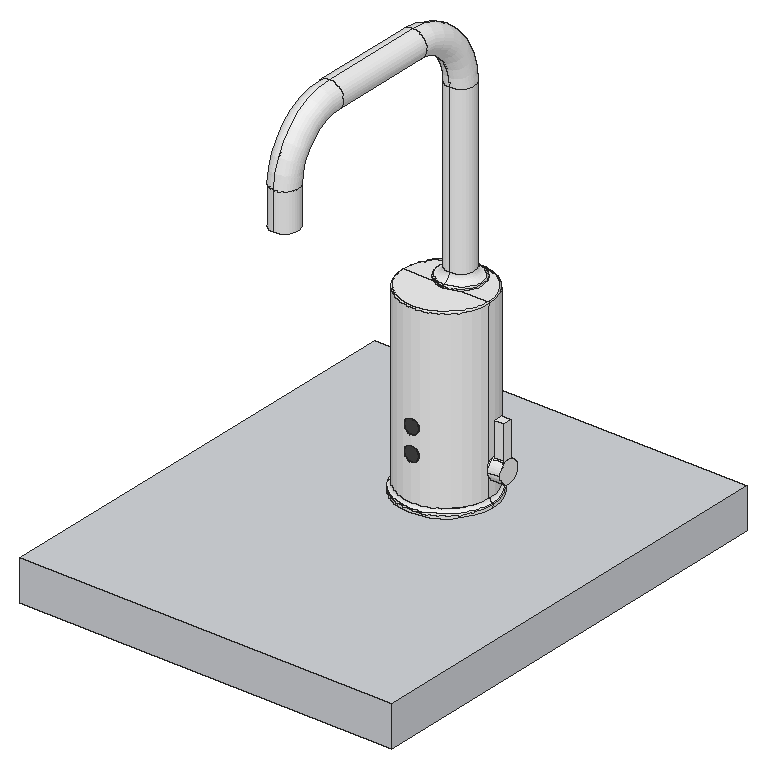
Revit family
Parameters (values of type "Chrome-Polished_Chrome-CP")
  Width = 0' - 3"
  WFU = 0
  URL = "http://www.us.kohler.com"
  Sensor = Sensor-Black
  Product Page URL = "http://www.us.kohler.com/onlinecatalog/detail.jsp?prod_num=13474"
  Product Documentation Link = "http://www.us.kohler.com/onlinecatalog/pdf/1126265_4.pdf"
  Model = "K-13474"  # constant formula
  Manufacturer = "Kohler"  # constant formula
  Length = 0' - 7 3/8"
  Installation = "Single-hole"  # constant formula
  Hot Water Radius = 3/16"
  Hot Water Diameter = Hot Water Radius * 2  # 3/8"
  Hot Water Connection = "Hot Water Connector"  # constant formula
  Height = 1' - 0 1/8"
  HWFU = 0
  HW Connection = yes
  Finish = Chrome-Kohler-CP-Polished Chrome
  Description = "Gooseneck Touchless AC-powered Deck-mount Faucet with Mixer\r\n"  # constant formula
  Default Elevation = 0' - 0"
  Created By = "http://medialab3dstudio.com/"
  Cold Water Radius = 3/16"
  Cold Water Diameter = Cold Water Radius * 2  # 3/8"
  Cold Water Connection = "Cold Water Connector"  # constant formula
  CWFU = 0
  CW Connection = yes
  Assembly Code = "D2010"
  Actual Water Flow = 0.5 GPM
Types (3): name | Finish
  (no name) | Chrome-Kohler-CP-Polished Chrome
  SteelVibrant_Stainless-VS | Steel-Kohler-VS-Vibrant Stainless
  Chrome-Polished_Chrome-CP | Chrome-Kohler-CP-Polished Chrome
Reference planes (in)
  plane 1 "Back": y = 0
  plane 2 "Bottom": z = 0
  plane 3 "Center (Left/Right)": x = 0
  plane 4 "Left": x = -1.3125
  plane 5 "Right": x = 1.3125
  plane 6 "Front of Base": y = -2.625
  plane 7 "Top of Spout": z = 5.13758
  plane 8: x = -1.21515
  plane 9: z = 0.19946
  plane 10: y = -0.20719
  plane 11: z = 5.41928
  plane 12: z = 5.19898
  plane 13: z = 11.74609
  plane 14: y = -6.99576
  plane 15: y = -0.81246
  plane 16: z = 5.41651
  plane 17: y = -1.10002
  plane 18: y = -1.34732
  plane 19: z = 1.30517
  plane 20: z = 1.25601
  plane 21: z = 2.24107
  plane 22: y = -1.07566
  plane 23: y = -1.3705
  plane 24: z = 0.99618
  plane 25: y = -1.22359
  plane 26 "Handle Right": x = 1.6875
  plane 27: y = -1.22359
  plane 28: z = 0.99618
  plane 29: z = 2.11506
  plane 30: x = 0
  plane 31: z = 2.11482
  plane 32: z = 1.42524
  plane 33: x = 0
  plane 34: z = 1.42308
  plane 35: x = 0
  plane 36 "Front": y = -7.375
  plane 37 "Top": z = 12.125
  plane 38: y = -0.9173
  plane 39: y = -1.52988
  plane 40: y = -1.40189
  plane 41: y = -1.04534
  plane 42: y = -0.81285
  plane 43: y = -1.34787
  plane 44: x = 0.49462
  plane 45: x = -0.49462
Forms (in)
  Extrusion 1, solid
    sketch origin (0, 0, 0) x (1, 0, 0) y (0, 1, 0)
      loop
        line (-5.38196, 2.92434) -> (-5.38196, -9.57092) -> (5.06552, -9.57092) -> (5.06552, 2.92434) -> (-5.38196, 2.92434)
    from 0 to -1.1254
  Revolve 2, solid, material "Chrome-Kohler-CP-Polished Chrome" <- "Finish", detail levels fine
    sketch origin (0, -1.3125, 0) x (1, 0, 0) y (0, 0, 1)
      loop
        line (0, 0) -> (0, 5.13758) -> (-1.18617, 5.13758)
        arc (-1.18617, 5.13758) -> (-1.20666, 5.1291) -> (-1.21515, 5.10861) r 0.02898
        line (-1.21515, 5.10861) -> (-1.21515, 0.19946)
        arc (-1.21515, 0.19946) -> (-1.23864, 0.13482) -> (-1.29699, 0.0984) r 0.10547
        arc (-1.29699, 0.0984) -> (-1.30834, 0.08704) -> (-1.3125, 0.07153) r 0.03103
        line (-1.3125, 0.07153) -> (-1.3125, 0) -> (0, 0)
      axis (0, 5.13758) -> (0, 0)
    angle from 0 to 360
  Revolve 3, solid, material "Chrome-Kohler-CP-Polished Chrome" <- "Finish", detail levels fine
    sketch origin (0, -0.87954, 0) x (0, -1, 0) y (0, 0, 1)
      loop
        line (-0.18173, 5.13758) -> (-0.18173, 5.41928) -> (-0.44641, 5.41928)
        arc (-0.44641, 5.41928) -> (-0.50901, 5.26802) -> (-0.65744, 5.19898) r 0.22547
        arc (-0.65744, 5.19898) -> (-0.67695, 5.18967) -> (-0.68487, 5.16956) r 0.02949
        line (-0.68487, 5.16956) -> (-0.68487, 5.13758) -> (-0.18173, 5.13758)
      axis (-0.06669, 5.41928) -> (-0.06669, 5.13758)
    angle from 0 to 360
  Sweep 4, solid, material "Chrome-Kohler-CP-Polished Chrome" <- "Finish", detail levels fine
    path origin (0, 0.00468, 0) x (0, 1, 0) y (0, 0, 1)
      loop
        line (-0.81714, 5.41651) -> (-0.81714, 10.08672)
        arc (-0.81714, 10.08672) -> (-1.30315, 11.26008) -> (-2.47651, 11.74609) r 1.65937
        line (-2.47651, 11.74609) -> (-5.41231, 11.74609)
        arc (-5.41231, 11.74609) -> (-6.51854, 11.29773) -> (-7.00044, 10.2057) r 1.58887
        line (-7.00044, 10.2057) -> (-7.00044, 9.14197)
    profile origin (0, -0.81246, 7.75162) x (0, -1, 0) y (1, 0, 0)
      loop
        circle (0, 0) r 0.37923
  Extrusion 5, void
    sketch origin (0, 0, 0) x (1, 0, 0) y (0, 0, 1)
      loop
        arc (-0.21742, 2.11482) -> (-0.15374, 1.96108) -> (0, 1.8974) r 0.21742
        arc (0, 1.8974) -> (0.15374, 1.96108) -> (0.21742, 2.11482) r 0.21742
        arc (0.21742, 2.11482) -> (0.15374, 2.26855) -> (0, 2.33223) r 0.21742
        arc (0, 2.33223) -> (-0.15374, 2.26855) -> (-0.21742, 2.11482) r 0.21742
    from 2.44704 to 2.52902
  Extrusion 6, void
    sketch origin (0, 0, -0.69173) x (1, 0, 0) y (0, 0, 1)
      loop
        arc (-0.21742, 2.11482) -> (-0.15374, 1.96108) -> (0, 1.8974) r 0.21742
        arc (0, 1.8974) -> (0.15374, 1.96108) -> (0.21742, 2.11482) r 0.21742
        arc (0.21742, 2.11482) -> (0.15374, 2.26855) -> (0, 2.33223) r 0.21742
        arc (0, 2.33223) -> (-0.15374, 2.26855) -> (-0.21742, 2.11482) r 0.21742
    from 2.44704 to 2.52902
  Extrusion 7, solid, material "Sensor-Black" <- "Sensor", detail levels fine
    sketch origin (0, 0, 0) x (1, 0, 0) y (0, 0, 1)
      loop
        arc (-0.18898, 2.11506) -> (-0.13363, 1.98143) -> (0, 1.92608) r 0.18898
        arc (0, 1.92608) -> (0.13363, 1.98143) -> (0.18898, 2.11506) r 0.18898
        arc (0.18898, 2.11506) -> (0.13363, 2.24869) -> (0, 2.30404) r 0.18898
        arc (0, 2.30404) -> (-0.13363, 2.24869) -> (-0.18898, 2.11506) r 0.18898
    from 2.44704 to 2.52039
  Extrusion 8, solid, material "Sensor-Black" <- "Sensor", detail levels fine
    sketch origin (0, 0, -0.68982) x (1, 0, 0) y (0, 0, 1)
      loop
        arc (-0.18898, 2.11506) -> (-0.13363, 1.98143) -> (0, 1.92608) r 0.18898
        arc (0, 1.92608) -> (0.13363, 1.98143) -> (0.18898, 2.11506) r 0.18898
        arc (0.18898, 2.11506) -> (0.13363, 2.24869) -> (0, 2.30404) r 0.18898
        arc (0, 2.30404) -> (-0.13363, 2.24869) -> (-0.18898, 2.11506) r 0.18898
    from 2.44704 to 2.52039
  Extrusion 9, solid, material "Chrome-Kohler-CP-Polished Chrome" <- "Finish", detail levels fine
    sketch origin (0, 0, 0) x (0, 1, 0) y (0, 0, 1)
      loop
        arc (-1.04531, 0.99618) -> (-1.09753, 1.12225) -> (-1.22359, 1.17446) r 0.17828
        arc (-1.22359, 1.17446) -> (-1.34965, 1.12225) -> (-1.40187, 0.99618) r 0.17828
        arc (-1.40187, 0.99618) -> (-1.34965, 0.87012) -> (-1.22359, 0.8179) r 0.17828
        arc (-1.22359, 0.8179) -> (-1.09753, 0.87012) -> (-1.04531, 0.99618) r 0.17828
    from 1.0625 to 1.35021
  Extrusion 10, solid, material "Chrome-Kohler-CP-Polished Chrome" <- "Finish", detail levels fine
    sketch origin (0, 0, 0) x (0, 1, 0) y (0, 0, 1)
      loop
        arc (-0.9173, 0.99618) -> (-1.00701, 1.21276) -> (-1.22359, 1.30247) r 0.30629
        arc (-1.22359, 1.30247) -> (-1.44017, 1.21276) -> (-1.52988, 0.99618) r 0.30629
        arc (-1.52988, 0.99618) -> (-1.44017, 0.77961) -> (-1.22359, 0.6899) r 0.30629
        arc (-1.22359, 0.6899) -> (-1.00701, 0.77961) -> (-0.9173, 0.99618) r 0.30629
    from 1.35021 to 1.6875
  Extrusion 11, solid, material "Chrome-Kohler-CP-Polished Chrome" <- "Finish", detail levels fine
    sketch origin (0, 0, 0) x (0, 1, 0) y (0, 0, 1)
      loop
        arc (-1.3705, 1.25601) -> (-1.22308, 1.29082) -> (-1.07566, 1.25601) r 0.32962
        arc (-1.07566, 1.25601) -> (-1.09275, 1.27817) -> (-1.10002, 1.30519) r 0.07148
        line (-1.10002, 1.30519) -> (-1.10002, 2.24107) -> (-1.34732, 2.24107) -> (-1.34732, 1.30517)
        arc (-1.34732, 1.30517) -> (-1.35357, 1.27807) -> (-1.3705, 1.25601) r 0.06547
    from 1.39998 to 1.65425
  Extrusion 12, void
    sketch origin (0.49462, 0.17828, 0) x (1, 0, 0) y (0, 1, 0)
      loop
        circle (0, -1.40115) r 0.1875
    from 0 to 0.0984
  Extrusion 13, void
    sketch origin (-0.49462, 0.17828, 0) x (1, 0, 0) y (0, 1, 0)
      loop
        circle (0, -1.40115) r 0.1875
    from 0 to 0.0984
  Extrusion 14, solid, not visible, detail levels fine
    sketch origin (0, -0.125, 0) x (1, 0, 0) y (0, 1, 0)
      loop
        arc (0.30712, -1.22287) -> (0.36203, -1.35545) -> (0.49462, -1.41037) r 0.1875
        arc (0.49462, -1.41037) -> (0.6272, -1.35545) -> (0.68212, -1.22287) r 0.1875
        arc (0.68212, -1.22287) -> (0.6272, -1.09029) -> (0.49462, -1.03537) r 0.1875
        arc (0.49462, -1.03537) -> (0.36203, -1.09029) -> (0.30712, -1.22287) r 0.1875
      loop
        arc (-0.49462, -1.03537) -> (-0.6272, -1.09029) -> (-0.68212, -1.22287) r 0.1875
        arc (-0.68212, -1.22287) -> (-0.6272, -1.35545) -> (-0.49462, -1.41037) r 0.1875
        arc (-0.49462, -1.41037) -> (-0.36203, -1.35545) -> (-0.30712, -1.22287) r 0.1875
        arc (-0.30712, -1.22287) -> (-0.36203, -1.09029) -> (-0.49462, -1.03537) r 0.1875
    from 0 to 0.0984
  Extrusion 15, solid, material "Chrome-Kohler-CP-Polished Chrome" <- "Finish", detail levels coarse+medium
    sketch origin (0, 0, 0) x (1, 0, 0) y (0, 1, 0)
      loop
        line (-1.3125, 0) -> (-1.3125, -7.375) -> (1.6875, -7.375) -> (1.6875, 0) -> (-1.3125, 0)
    from 0 to 12.125
Cuts and joins
  Extrusion 5, Extrusion 6, Extrusion 12, Extrusion 13 cuts Revolve 2
  joined: Revolve 2, Revolve 3, Extrusion 9, Extrusion 10
Lines and regions (in)
  Masking region 1, detail levels coarse
    outline origin (0, 0, 0) x (1, 0, 0) y (0, 1, 0)
      loop
        line (-1.3125, 0) -> (-1.3125, -7.375) -> (1.6875, -7.375) -> (1.6875, 0) -> (-1.3125, 0)
  Masking region 2, detail levels medium+fine
    outline origin (0, 0, 0) x (1, 0, 0) y (0, 1, 0)
      loop
        line (-0.37924, -2.56902) -> (-0.37924, -6.99756)
        arc (-0.37924, -6.99756) -> (0, -7.37679) -> (0.37923, -6.99756) r 0.37923
        line (0.37923, -6.99756) -> (0.37923, -2.56902)
        arc (0.37923, -2.56902) -> (1.02638, -2.13054) -> (1.30945, -1.40189) r 1.3125
        line (1.30945, -1.40189) -> (1.35021, -1.40189) -> (1.35021, -1.52988) -> (1.6875, -1.52988) -> (1.6875, -0.9173) -> (1.35021, -0.9173) -> (1.35021, -1.04534) -> (1.28502, -1.04534)
        arc (1.28502, -1.04534) -> (-0.88629, -0.34444) -> (-0.37924, -2.56902) r 1.3125
  Masking region 3, detail levels coarse
    outline origin (0, 0, 0) x (1, 0, 0) y (0, 0, 1)
      loop
        line (-1.3125, 12.125) -> (-1.3125, 0) -> (1.6875, 0) -> (1.6875, 12.125) -> (-1.3125, 12.125)
  Masking region 4, detail levels medium+fine
    outline origin (0, -2.625, 0) x (-1, 0, 0) y (0, 0, 1)
      loop
        line (-1.3125, 0) -> (1.3125, 0) -> (1.3125, 0.07153)
        arc (1.3125, 0.07153) -> (1.3084, 0.08708) -> (1.29699, 0.0984) r 0.0306
        arc (1.29699, 0.0984) -> (1.23921, 0.13528) -> (1.21515, 0.19946) r 0.10831
        line (1.21515, 0.19946) -> (1.21515, 5.10861)
        arc (1.21515, 5.10861) -> (1.20666, 5.1291) -> (1.18617, 5.13758) r 0.02898
        line (1.18617, 5.13758) -> (0.59826, 5.13758) -> (0.59826, 5.16956)
        arc (0.59826, 5.16956) -> (0.59078, 5.18919) -> (0.57214, 5.19886) r 0.0295
        arc (0.57214, 5.19886) -> (0.43116, 5.26823) -> (0.37923, 5.41651) r 0.20746
        line (0.37923, 5.41651) -> (0.37923, 11.74436)
        arc (0.37923, 11.74436) -> (0.00015, 12.12344) -> (-0.37892, 11.74436) r 0.37908
        line (-0.37892, 11.74436) -> (-0.37892, 5.41651)
        arc (-0.37892, 5.41651) -> (-0.43062, 5.26871) -> (-0.57082, 5.19899) r 0.20773
        arc (-0.57082, 5.19899) -> (-0.58994, 5.19001) -> (-0.59825, 5.17058) r 0.02968
        line (-0.59825, 5.17058) -> (-0.59825, 5.13758) -> (-1.18617, 5.13758)
        arc (-1.18617, 5.13758) -> (-1.20668, 5.12909) -> (-1.21517, 5.10858) r 0.029
        line (-1.21517, 5.10858) -> (-1.21517, 1.17489) -> (-1.35021, 1.17489) -> (-1.35021, 1.30247) -> (-1.39998, 1.30247) -> (-1.39998, 2.24107) -> (-1.63714, 2.24107) -> (-1.63714, 1.30519) -> (-1.6875, 1.30519) -> (-1.6875, 0.6899) -> (-1.35021, 0.6899) -> (-1.35021, 0.8179) -> (-1.21517, 0.8179) -> (-1.21517, 0.19951)
        arc (-1.21517, 0.19951) -> (-1.23819, 0.13448) -> (-1.29699, 0.0984) r 0.10338
        arc (-1.29699, 0.0984) -> (-1.30833, 0.08703) -> (-1.3125, 0.07153) r 0.03114
        line (-1.3125, 0.07153) -> (-1.3125, 0)
  Masking region 5, detail levels coarse
    outline origin (0, 0, 0) x (0, 1, 0) y (0, 0, 1)
      loop
        line (0, 12.125) -> (-7.375, 12.125) -> (-7.375, 0) -> (0, 0) -> (0, 12.125)
  Masking region 6, detail levels medium+fine
    outline origin (0, 0, 0) x (0, 1, 0) y (0, 0, 1)
      loop
        line (0, 0) -> (0, 0.07182)
        arc (0, 0.07182) -> (-0.00416, 0.08721) -> (-0.01551, 0.0984) r 0.03053
        arc (-0.01551, 0.0984) -> (-0.07358, 0.13504) -> (-0.09735, 0.19946) r 0.10682
        line (-0.09735, 0.19946) -> (-0.09735, 5.10856)
        arc (-0.09735, 5.10856) -> (-0.10585, 5.12908) -> (-0.12637, 5.13758) r 0.02902
        line (-0.12637, 5.13758) -> (-0.19467, 5.13758) -> (-0.19467, 5.16952)
        arc (-0.19467, 5.16952) -> (-0.20259, 5.18961) -> (-0.2221, 5.19889) r 0.02944
        arc (-0.2221, 5.19889) -> (-0.37025, 5.26819) -> (-0.43313, 5.41918) r 0.22654
        line (-0.43313, 5.41918) -> (-0.43313, 10.10196)
        arc (-0.43313, 10.10196) -> (-1.02567, 11.53247) -> (-2.45617, 12.125) r 2.02304
        line (-2.45617, 12.125) -> (-5.44685, 12.125)
        arc (-5.44685, 12.125) -> (-6.81026, 11.56026) -> (-7.375, 10.19685) r 1.92815
        line (-7.375, 10.19685) -> (-7.375, 9.14197) -> (-6.61653, 9.14197) -> (-6.61653, 10.19947)
        arc (-6.61653, 10.19947) -> (-6.2471, 11.02676) -> (-5.40744, 11.36712) r 1.21266
        line (-5.40744, 11.36712) -> (-2.48041, 11.36712)
        arc (-2.48041, 11.36712) -> (-1.58184, 11.00202) -> (-1.19257, 10.11366) r 1.28831
        line (-1.19257, 10.11366) -> (-1.19257, 5.41928)
        arc (-1.19257, 5.41928) -> (-1.25533, 5.26817) -> (-1.4036, 5.19898) r 0.22606
        arc (-1.4036, 5.19898) -> (-1.42317, 5.18969) -> (-1.43108, 5.16952) r 0.02943
        line (-1.43108, 5.16952) -> (-1.43108, 5.13758) -> (-2.49862, 5.13758)
        arc (-2.49862, 5.13758) -> (-2.51919, 5.12907) -> (-2.5277, 5.1085) r 0.02908
        line (-2.5277, 5.1085) -> (-2.5277, 0.19941)
        arc (-2.5277, 0.19941) -> (-2.55179, 0.1353) -> (-2.60949, 0.0984) r 0.10846
        arc (-2.60949, 0.0984) -> (-2.621, 0.08713) -> (-2.625, 0.07153) r 0.02993
        line (-2.625, 0.07153) -> (-2.625, 0) -> (0, 0)
  Masking region 7, detail levels fine
    outline origin (1.3125, 0, 0) x (0, 1, 0) y (0, 0, 1)
      loop
        arc (-1.04531, 0.99618) -> (-1.09753, 1.12225) -> (-1.22359, 1.17446) r 0.17828
        arc (-1.22359, 1.17446) -> (-1.34965, 1.12225) -> (-1.40187, 0.99618) r 0.17828
        arc (-1.40187, 0.99618) -> (-1.34965, 0.87012) -> (-1.22359, 0.8179) r 0.17828
        arc (-1.22359, 0.8179) -> (-1.09753, 0.87012) -> (-1.04531, 0.99618) r 0.17828
  symbolic lines, style "Masking Lines", detail levels fine
    curve 1: arc (-0.38196, -1.34233, 0) -> (-0.00037, -0.27922, 0) -> (0.38071, -1.34252, 0) r 0.59999
    curve 2: arc (-0.38196, -0.7959, 0) -> (-0.00063, -0.41457, 0) -> (0.38071, -0.7959, 0) r 0.38133
    curve 3: arc (1.28502, -1.04534, 0) -> (1.30971, -1.22276, 0) -> (1.30945, -1.40189, 0) r 1.28325
    curve 4: line (1.35021, -1.40187, 0) -> (1.35021, -1.04534, 0)
    curve 5: line (1.39998, -1.07566, 0) -> (1.65425, -1.07566, 0)
    curve 6: line (1.39998, -1.3705, 0) -> (1.39998, -1.07566, 0)
    curve 7: line (1.65425, -1.3705, 0) -> (1.39998, -1.3705, 0)
    curve 8: line (1.65425, -1.07566, 0) -> (1.65425, -1.3705, 0)
    curve 9: line (0.38071, -1.34252, 0) -> (0.38071, -2.569, 0)
    curve 10: line (-0.38196, -1.34233, 0) -> (-0.38196, -2.569, 0)
    curve 11: line (-0.38196, -1.34233, 0) -> (-0.38196, -0.7959, 0)
    curve 12: line (0.38071, -1.34252, 0) -> (0.38071, -0.7959, 0)
    curve 13: arc (0.21742, -7.375, 2.11482) -> (0.15374, -7.375, 2.26855) -> (0, -7.375, 2.33223) r 0.21742
    curve 14: arc (0, -7.375, 1.8974) -> (0.15374, -7.375, 1.96108) -> (0.21742, -7.375, 2.11482) r 0.21742
    curve 15: arc (-0.21742, -7.375, 2.11482) -> (-0.15374, -7.375, 1.96108) -> (0, -7.375, 1.8974) r 0.21742
    curve 16: arc (0, -7.375, 2.33223) -> (-0.15374, -7.375, 2.26855) -> (-0.21742, -7.375, 2.11482) r 0.21742
    curve 17: arc (0, -7.375, 2.30404) -> (-0.13363, -7.375, 2.24869) -> (-0.18898, -7.375, 2.11506) r 0.18898
    curve 18: arc (0.18898, -7.375, 2.11506) -> (0.13363, -7.375, 2.24869) -> (0, -7.375, 2.30404) r 0.18898
    curve 19: arc (0, -7.375, 1.92608) -> (0.13363, -7.375, 1.98143) -> (0.18898, -7.375, 2.11506) r 0.18898
    curve 20: arc (-0.18898, -7.375, 2.11506) -> (-0.13363, -7.375, 1.98143) -> (0, -7.375, 1.92608) r 0.18898
    curve 21: arc (0.21742, -7.375, 1.42308) -> (0.15374, -7.375, 1.57682) -> (0, -7.375, 1.6405) r 0.21742
    curve 22: arc (0, -7.375, 1.20567) -> (0.15374, -7.375, 1.26935) -> (0.21742, -7.375, 1.42308) r 0.21742
    curve 23: arc (-0.21742, -7.375, 1.42308) -> (-0.15374, -7.375, 1.26935) -> (0, -7.375, 1.20567) r 0.21742
    curve 24: arc (0, -7.375, 1.6405) -> (-0.15374, -7.375, 1.57682) -> (-0.21742, -7.375, 1.42308) r 0.21742
    curve 25: arc (0, -7.375, 1.61422) -> (-0.13363, -7.375, 1.55887) -> (-0.18898, -7.375, 1.42524) r 0.18898
    curve 26: arc (0.18898, -7.375, 1.42524) -> (0.13363, -7.375, 1.55887) -> (0, -7.375, 1.61422) r 0.18898
    curve 27: arc (0, -7.375, 1.23626) -> (0.13363, -7.375, 1.29161) -> (0.18898, -7.375, 1.42524) r 0.18898
    curve 28: arc (-0.18898, -7.375, 1.42524) -> (-0.13363, -7.375, 1.29161) -> (0, -7.375, 1.23626) r 0.18898
    curve 29: line (-0.59826, 0, 5.13758) -> (0.59825, 0, 5.13758)
    curve 30: line (-0.37923, -7.375, 9.14197) -> (0.37923, -7.375, 9.14197)
    curve 31: line (1.35021, -2.625, 1.17446) -> (1.35021, -2.625, 0.8179)
    curve 32: arc (1.21517, 0, 1.17489) -> (1.18445, 0, 0.9964) -> (1.21517, 0, 0.8179) r 0.53392
    curve 33: arc (1.3125, -1.22359, 0.6899) -> (1.3125, -1.00701, 0.77961) -> (1.3125, -0.9173, 0.99618) r 0.30629
    curve 34: arc (1.3125, -1.52988, 0.99618) -> (1.3125, -1.44017, 0.77961) -> (1.3125, -1.22359, 0.6899) r 0.30629
    curve 35: arc (1.3125, -1.35746, 1.27166) -> (1.3125, -1.48322, 1.15868) -> (1.3125, -1.52988, 0.99618) r 0.30629
    curve 36: arc (1.3125, -0.9173, 0.99618) -> (1.3125, -0.96352, 1.15797) -> (1.3125, -1.08823, 1.27093) r 0.30629
    curve 37: arc (1.3125, -1.08823, 1.27093) -> (1.3125, -1.09646, 1.28726) -> (1.3125, -1.10002, 1.30519) r 0.06772
    curve 38: arc (1.3125, -1.35746, 1.27166) -> (1.3125, -1.34998, 1.28769) -> (1.3125, -1.34732, 1.30517) r 0.06222
    curve 39: line (1.3125, -1.34732, 1.30517) -> (1.3125, -1.34732, 2.24107)
    curve 40: line (1.3125, -1.34732, 2.24107) -> (1.3125, -1.10002, 2.24107)
    curve 41: line (1.3125, -1.10002, 2.24107) -> (1.3125, -1.10002, 1.30519)
    curve 42: line (0, -0.2221, 5.19898) -> (0, -1.4036, 5.19898)
    curve 43: line (0, -0.01551, 0.0984) -> (0, -2.60949, 0.0984)
    curve 44: arc (1.3125, -1.35746, 1.27166) -> (1.3125, -1.22276, 1.30247) -> (1.3125, -1.08823, 1.27093) r 0.30629
    curve 45: line (0, -1.19257, 5.41928) -> (0, -0.43313, 5.41928)
    curve 46: line (0, -7.375, 10.19685) -> (0, -6.61662, 10.19685)
    curve 47: line (-0.57214, 0, 5.19886) -> (0.57257, 0, 5.19886)
    curve 48: line (-0.37923, 0, 5.41651) -> (0.37923, 0, 5.41651)
    curve 49: line (-1.21515, 0, 0.19946) -> (1.21515, 0, 0.19946)
    curve 50: line (-1.29699, 0, 0.0984) -> (1.29699, 0, 0.0984)
    curve 51: line (0, -1.43104, 5.13758) -> (0, -0.19467, 5.13758)
    curve 52: line (0, -2.52765, 0.19946) -> (0, -0.09735, 0.19946)
    curve 53: line (1.39998, 0, 1.30247) -> (1.39998, 0, 1.25601)
    curve 54: line (1.39998, 0, 1.25601) -> (1.63714, 0, 1.25601)
    curve 55: line (1.63714, 0, 1.25601) -> (1.63714, 0, 1.30517)
Dimensions and locks (in)
  equal spacing: plane 4 "Left", plane 3 "Center (Left/Right)", plane 5 "Right"
  locked: plane 4 "Left" to plane 8 at 0.09735
  locked: plane 9 to plane 2 "Bottom" at 0.19946
  plane 1 "Back" to plane 15 = 0' - 0.81246"
  plane 1 "Back" to plane 17 to plane 18 to plane 6 "Front of Base" = 0' - 1.10002" locked, 0' - 0.2473" locked, 0' - 1.27768" locked
  locked: plane 20 to plane 2 "Bottom" at 1.25601
  locked: plane 20 to plane 19 at 0.04915
  locked: plane 19 to plane 21 at 0.9359
  plane 1 "Back" to plane 25 to plane 6 "Front of Base" = 0' - 1.22359", 0' - 1.40141"
  locked: plane 28 to plane 2 "Bottom" at 0.99618
  plane 1 "Back" to plane 27 to plane 6 "Front of Base" = 0' - 1.22359", 0' - 1.40141"
  locked: plane 33 to plane 4 "Left" at 1.3125
  locked: plane 32 to plane 2 "Bottom" at 1.42524
  locked: plane 34 to plane 2 "Bottom" at 1.42308
  locked: plane 35 to plane 4 "Left" at 1.3125
  "Length": plane 1 "Back" to plane 36 "Front"
  "Height": plane 37 "Top" to level
  locked: plane 13 to plane 37 "Top" at 0.37891
  locked: plane 16 to plane 7 "Top of Spout" at 0.27893
  locked: plane 1 "Back" to plane 15 at 0.81246
  locked: plane 15 to plane 14 at 6.1833
  plane 39 to plane 40 to plane 41 to plane 38 to plane 1 "Back" = 0' - 0.12798" locked, 0' - 0.35655" locked, 0' - 0.12804" locked, 0' - 0.9173" locked
  plane 11 to plane 12 to plane 7 "Top of Spout" = 0' - 0.2203" locked, 0' - 0.0614" locked
  plane 1 "Back" to plane 10 to plane 42 = 0' - 0.20719" locked, 0' - 0.60566" locked
  plane 45 to plane 3 "Center (Left/Right)" to plane 44 = 0' - 0.49462" locked, 0' - 0.49462" locked
  "Width": plane 4 "Left" to plane 26 "Handle Right"
  radius of Revolve 2 sketch curve = 0' - 0.03103"
  radius of Revolve 2 sketch curve = 0' - 0 27/256"
  "Cold Water Radius": radius of Extrusion 12 sketch curve
  "Hot Water Radius": radius of Extrusion 13 sketch curve
  "Hot Water Radius": radius of Extrusion 14 sketch curve
  "Cold Water Radius": radius of Extrusion 14 sketch curve
  aligned and locked: plane 2 "Bottom" to Extrusion 1
  aligned and locked: level to Extrusion 1
  aligned and locked: plane 4 "Left" to Revolve 2 sketch curve  (x2)
  aligned and locked: Revolve 2 sketch curve to plane 3 "Center (Left/Right)"
  aligned and locked: plane 2 "Bottom" to Revolve 2 sketch curve
  aligned and locked: Revolve 2 sketch curve to plane 7 "Top of Spout"
  aligned and locked: Revolve 2 sketch curve to plane 8
  aligned and locked: plane 9 to Revolve 2 sketch curve
  aligned and locked: plane 3 "Center (Left/Right)" to cut or joined group 1 (Revolve 2, Revolve 3, Extrusion 5, Extrusion 6, Extrusion 9, Extrusion 10, Extrusion 12, Extrusion 13)
  aligned and locked: plane 7 "Top of Spout" to Revolve 3 sketch curve
  aligned and locked: plane 12 to Revolve 3 sketch curve
  aligned and locked: plane 13 to Sweep 4 sketch curve
  aligned and locked: Sweep 4 sketch curve to plane 15
  aligned and locked: plane 16 to Sweep 4 sketch curve
  aligned and locked: Extrusion 11 sketch curve to plane 17
  aligned and locked: Extrusion 11 sketch curve to plane 18
  aligned and locked: plane 19 to Extrusion 11 sketch curve
  aligned and locked: plane 21 to Extrusion 11 sketch curve
  aligned and locked: plane 20 to Extrusion 11 sketch curve  (x2)
  aligned and locked: plane 23 to Extrusion 11 sketch curve
  aligned and locked: plane 22 to Extrusion 11 sketch curve
  aligned and locked: plane 25 to Extrusion 10 sketch curve  (x2)
  aligned and locked: plane 24 to Extrusion 10 sketch curve  (x2)
  aligned and locked: cut or joined group 1 to plane 26 "Handle Right"
  aligned and locked: plane 27 to Extrusion 9 sketch curve  (x2)
  aligned and locked: plane 28 to Extrusion 9 sketch curve  (x2)
  aligned and locked: plane 30 to Extrusion 7 sketch curve  (x2)
  aligned and locked: plane 29 to Extrusion 7 sketch curve  (x2)
  aligned and locked: plane 3 "Center (Left/Right)" to Extrusion 5 sketch curve  (x2)
  aligned and locked: plane 31 to Extrusion 5 sketch curve  (x2)
  aligned and locked: plane 33 to Extrusion 8 sketch curve  (x2)
  aligned and locked: plane 32 to Extrusion 8 sketch curve  (x2)
  aligned and locked: plane 34 to Extrusion 6 sketch curve  (x2)
  aligned and locked: plane 35 to Extrusion 6 sketch curve  (x2)
  aligned and locked: plane 36 "Front" to Sweep 4
  aligned and locked: plane 1 "Back" to Masking region 1 sketch curve
  aligned and locked: plane 26 "Handle Right" to Masking region 1 sketch curve
  aligned and locked: plane 36 "Front" to Masking region 1 sketch curve
  aligned and locked: plane 4 "Left" to Masking region 1 sketch curve
  aligned and locked: Masking region 2 sketch curve to cut or joined group 1  (x2)
  aligned and locked: plane 26 "Handle Right" to Masking region 2 sketch curve
  aligned and locked: Masking region 2 sketch curve to plane 39
  aligned and locked: Masking region 2 sketch curve to plane 40
  aligned and locked: plane 41 to Masking region 2 sketch curve
  aligned and locked: plane 38 to Masking region 2 sketch curve
  aligned and locked: curve 5 to Extrusion 11
  aligned and locked: curve 8 to Extrusion 11
  aligned and locked: curve 7 to Extrusion 11
  aligned and locked: curve 6 to Extrusion 11
  aligned and locked: plane 37 "Top" to Masking region 3 sketch curve
  aligned and locked: plane 26 "Handle Right" to Masking region 3 sketch curve
  aligned and locked: plane 2 "Bottom" to Masking region 3 sketch curve
  aligned and locked: plane 4 "Left" to Masking region 3 sketch curve
  aligned and locked: plane 2 "Bottom" to Masking region 4 sketch curve
  aligned and locked: Masking region 4 sketch curve to plane 7 "Top of Spout"  (x2)
  aligned and locked: Masking region 4 sketch curve to Masking region 4 sketch curve
  aligned and locked: Masking region 4 sketch curve to cut or joined group 1
  aligned and locked: curve 13 to cut or joined group 1
  aligned and locked: curve 14 to cut or joined group 1
  aligned and locked: curve 15 to cut or joined group 1
  aligned and locked: curve 16 to cut or joined group 1
  aligned and locked: curve 21 to cut or joined group 1
  aligned and locked: curve 22 to cut or joined group 1
  aligned and locked: curve 23 to cut or joined group 1
  aligned and locked: curve 24 to cut or joined group 1
  aligned and locked: plane 37 "Top" to Masking region 5 sketch curve
  aligned and locked: plane 36 "Front" to Masking region 5 sketch curve
  aligned and locked: plane 2 "Bottom" to Masking region 5 sketch curve
  aligned and locked: plane 1 "Back" to Masking region 5 sketch curve
  aligned and locked: plane 42 to Revolve 3 sketch curve
  aligned and locked: plane 11 to Revolve 3 sketch curve
  aligned and locked: curve 33 to cut or joined group 1
  aligned and locked: curve 34 to cut or joined group 1
  aligned and locked: curve 35 to cut or joined group 1
  aligned and locked: curve 36 to cut or joined group 1
  aligned and locked: plane 2 "Bottom" to Masking region 6 sketch curve
  aligned and locked: plane 1 "Back" to Masking region 6 sketch curve
  aligned and locked: plane 6 "Front of Base" to Masking region 6 sketch curve
  aligned and locked: Masking region 6 sketch curve to plane 7 "Top of Spout"  (x2)
  aligned and locked: plane 37 "Top" to Masking region 6 sketch curve
  aligned and locked: plane 36 "Front" to Masking region 6 sketch curve
  aligned and locked: plane 45 to Extrusion 14 sketch curve
  aligned and locked: plane 43 to Extrusion 14 sketch curve  (x2)
  aligned and locked: Extrusion 14 to plane 2 "Bottom"
Automatic sketch dimensions
  Extrusion 1 sketch curve to Extrusion 1 sketch curve = 0' - 10.44748"
  Extrusion 1 sketch curve to Extrusion 1 sketch curve = 1' - 0.49525"
  Sweep 4 sketch curve to Sweep 4 sketch curve = 0' - 1.58813"
  plane 6 "Front of Base" to Sweep 4 sketch curve = 0' - 0.15317"
  plane 7 "Top of Spout" to Sweep 4 sketch curve = 0' - 4.00439"
  Sweep 4 sketch curve to Sweep 4 sketch curve = 0' - 1.58887"
  Sweep 4 sketch curve to plane 3 "Center (Left/Right)" = 0' - 0"
  Sweep 4 sketch curve to profile plane = 0' - 0"
  plane 3 "Center (Left/Right)" to Extrusion 12 sketch curve = 0' - 0.49462"
  plane 1 "Back" to Extrusion 12 sketch curve = 0' - 1.22287"
  Extrusion 13 sketch curve to plane 3 "Center (Left/Right)" = 0' - 0.49462"
  plane 1 "Back" to Extrusion 13 sketch curve = 0' - 1.22287"
  Extrusion 11 sketch curve to plane 19 = 0' - 0.00084"
  Extrusion 11 sketch curve to plane 19 = 0' - 0.00472"
  Extrusion 11 sketch curve to Extrusion 11 sketch curve = 0' - 0.07133"
  plane 20 to Extrusion 11 sketch curve = 0' - 0.29482"
  Extrusion 10 sketch curve to Extrusion 10 sketch curve = 0' - 0.30629"
  Extrusion 9 sketch curve to Extrusion 9 sketch curve = 0' - 0.17828"
  Extrusion 7 sketch curve to Extrusion 7 sketch curve = 0' - 0.18898"
  Extrusion 5 sketch curve to plane 3 "Center (Left/Right)" = 0' - 0.21742"
  Extrusion 8 sketch curve to Extrusion 8 sketch curve = 0' - 0.18898"
  Extrusion 6 sketch curve to plane 3 "Center (Left/Right)" = 0' - 0.21742"
  Sweep 4 sketch curve to plane 14 = 0' - 0"
  Revolve 2 sketch curve to level = 0' - 0"  (x2)
  Revolve 2 sketch curve to plane 3 "Center (Left/Right)" = 0' - 0"
  Revolve 2 sketch curve to plane 7 "Top of Spout" = 0' - 0"
  Revolve 2 sketch curve to plane 9 = 0' - 0.00173"
  plane 4 "Left" to Revolve 2 sketch curve = 0' - 0.01551"
  Revolve 2 sketch curve to plane 8 = 0' - 0.02898"
  Masking region 2 sketch curve to plane 3 "Center (Left/Right)" = 0' - 0"
  Masking region 2 sketch curve to Masking region 2 sketch curve = 0' - 0.37923"
  plane 36 "Front" to Masking region 2 sketch curve = 0' - 0.37744"
  curve 3 to plane 5 "Right" = 0' - 0.00305"
  curve 3 to plane 5 "Right" = 0' - 0.02748"
  plane 3 "Center (Left/Right)" to curve 2 = 0' - 0.38071"
  plane 3 "Center (Left/Right)" to curve 3 = 0' - 0.02947"
  curve 2 to plane 3 "Center (Left/Right)" = 0' - 0.00063"
  curve 1 to plane 3 "Center (Left/Right)" = 0' - 0.00051"
  curve 4 to curve 6 = 0' - 0.03137"
  curve 3 to curve 4 = 0' - 0"
  curve 3 to curve 12 = 0' - 0.05937"
  curve 9 to curve 1 = 0' - 0.00019"
  curve 9 to curve 3 = 0' - 0.03204"
  curve 5 to curve 4 = 0' - 0.03032"
  curve 1 to curve 2 = 0' - 0.08331"
  curve 13 to curve 14 = 0' - 0"  (x2)
  curve 13 to curve 15 = 0' - 0"  (x2)
  curve 13 to curve 16 = 0' - 0"  (x2)
  curve 14 to curve 15 = 0' - 0"  (x2)
  curve 14 to curve 16 = 0' - 0"  (x2)
  curve 15 to curve 16 = 0' - 0"  (x2)
  curve 17 to curve 18 = 0' - 0"  (x2)
  curve 17 to curve 19 = 0' - 0"  (x2)
  curve 17 to curve 20 = 0' - 0"  (x2)
  curve 18 to curve 19 = 0' - 0"  (x2)
  curve 18 to curve 20 = 0' - 0"  (x3)
  curve 19 to curve 20 = 0' - 0"  (x2)
  curve 21 to curve 22 = 0' - 0"  (x2)
  curve 21 to curve 23 = 0' - 0"  (x2)
  curve 21 to curve 24 = 0' - 0"  (x2)
  curve 22 to curve 23 = 0' - 0"  (x2)
  curve 22 to curve 24 = 0' - 0"  (x2)
  curve 23 to curve 24 = 0' - 0"  (x2)
  curve 25 to curve 26 = 0' - 0"  (x4)
  curve 25 to curve 27 = 0' - 0"  (x4)
  curve 25 to curve 28 = 0' - 0"  (x4)
  curve 26 to curve 27 = 0' - 0"  (x4)
  curve 26 to curve 28 = 0' - 0"  (x4)
  curve 27 to curve 28 = 0' - 0"  (x4)
  curve 29 to curve 30 = 0' - 4.01037"  (x2)
  curve 29 to curve 23 = 0' - 3.73397"
  curve 15 to curve 23 = 0' - 0.69173"
  curve 15 to curve 20 = 0' - 0.02844"
  curve 23 to curve 25 = 0' - 0.02852"
  curve 17 to curve 16 = 0' - 0.28789"
  curve 17 to curve 13 = 0' - 0.00024"
  curve 28 to curve 28 = 0' - 0.26726"
  curve 25 to curve 21 = 0' - 0.00216"
  curve 30 to curve 30 = 0' - 0.75846"
  curve 29 to curve 29 = 0' - 1.19651"
  curve 22 to curve 32 = 0' - 1.16694"
  curve 32 to curve 32 = 0' - 0.35699"
  curve 32 to curve 31 = 0' - 0.13504"  (x2)
  curve 31 to curve 32 = 0' - 0.40896"
  curve 31 to curve 32 = 0' - 0.40915"
  curve 31 to curve 32 = 0' - 0.13504"
  curve 32 to curve 23 = 0' - 1.21556"
  curve 23 to curve 28 = 0' - 0.03059"
  curve 24 to curve 15 = 0' - 0.2569"
  curve 15 to curve 20 = 0' - 0.02868"  (x2)
  curve 16 to curve 29 = 0' - 2.86843"
  plane 11 to Revolve 3 sketch curve = 0' - 0"
  Revolve 3 sketch curve to plane 7 "Top of Spout" = 0' - 0"
  plane 10 to Revolve 3 sketch curve = 0' - 0.01252"
  Revolve 3 sketch curve to plane 10 = 0' - 0.00051"
  Revolve 3 sketch curve to plane 10 = 0' - 0.01491"
  Revolve 3 sketch curve to plane 10 = 0' - 0.01697"
  Revolve 3 sketch curve to Revolve 3 sketch curve = 0' - 0.22543"
  Revolve 3 sketch curve to Revolve 3 sketch curve = 0' - 0.11504"
  Masking region 6 sketch curve to Masking region 6 sketch curve = 0' - 0.0394"
  Masking region 6 sketch curve to Masking region 6 sketch curve = 0' - 0.04214"
  Masking region 6 sketch curve to plane 6 "Front of Base" = 0' - 0.01109"
  plane 6 "Front of Base" to Masking region 6 sketch curve = 0' - 0.01551"
  Masking region 6 sketch curve to Masking region 6 sketch curve = 0' - 0.0144"
  Masking region 6 sketch curve to Masking region 6 sketch curve = 0' - 0.02748"
  Masking region 6 sketch curve to Masking region 6 sketch curve = 0' - 0.00195"
  Masking region 6 sketch curve to Masking region 6 sketch curve = 0' - 0.00201"
  Masking region 6 sketch curve to Masking region 6 sketch curve = 0' - 0.02902"
  plane 1 "Back" to Masking region 6 sketch curve = 0' - 0.03053"
  Masking region 6 sketch curve to plane 1 "Back" = 0' - 0.00944"
  Masking region 6 sketch curve to Masking region 6 sketch curve = 0' - 1.05488"
  Masking region 6 sketch curve to Masking region 6 sketch curve = 0' - 0.02315"
  Masking region 6 sketch curve to Masking region 6 sketch curve = 0' - 0.04238"
  plane 43 to Extrusion 14 sketch curve = 0' - 0"
  plane 6 "Front of Base" to curve 9 = 0' - 0.056"
  plane 6 "Front of Base" to curve 10 = 0' - 0.056"
  Masking region 6 sketch curve to Masking region 6 sketch curve = 0' - 0.75847"
  plane 36 "Front" to Masking region 6 sketch curve = 0' - 1.92815"
  plane 6 "Front of Base" to Masking region 6 sketch curve = 0' - 0.0973"
  Masking region 6 sketch curve to Masking region 6 sketch curve = 0' - 0.02424"
  plane 6 "Front of Base" to Masking region 6 sketch curve = 0' - 0.14459"
  Masking region 6 sketch curve to Masking region 6 sketch curve = 0' - 0.99795"
  Masking region 6 sketch curve to Masking region 6 sketch curve = 0' - 0.09774"
  plane 1 "Back" to Masking region 6 sketch curve = 0' - 0.22411"
  Masking region 6 sketch curve to Masking region 6 sketch curve = 0' - 1.06755"
  Masking region 6 sketch curve to Masking region 6 sketch curve = 0' - 0 3/256"
  Masking region 6 sketch curve to Masking region 6 sketch curve = 0' - 0.01498"  (x2)
  Masking region 6 sketch curve to Masking region 6 sketch curve = 0' - 0.02908"
  Masking region 6 sketch curve to Masking region 6 sketch curve = 0' - 0.226"
  plane 1 "Back" to Masking region 6 sketch curve = 0' - 0.20666"
  plane 5 "Right" to curve 4 = 0' - 0.03771"
  plane 5 "Right" to Masking region 2 sketch curve = 0' - 0.03771"  (x2)
  curve 46 to plane 36 "Front" = 0' - 0"
  curve 51 to plane 7 "Top of Spout" = 0' - 0"
  curve 46 to curve 46 = 0' - 0.75838"
  plane 6 "Front of Base" to curve 43 = 0' - 0.01551"
  plane 6 "Front of Base" to curve 52 = 0' - 0.09735"
  plane 6 "Front of Base" to curve 51 = 0' - 1.19396"
  curve 51 to curve 42 = 0' - 0.02744"
  curve 42 to curve 45 = 0' - 0.21103"
  plane 1 "Back" to curve 45 = 0' - 0.43313"
  plane 1 "Back" to curve 42 = 0' - 0.2221"
  curve 42 to curve 51 = 0' - 0.02744"
  plane 1 "Back" to curve 52 = 0' - 0.09735"
  plane 1 "Back" to curve 43 = 0' - 0.01551"
  plane 37 "Top" to curve 46 = 0' - 1.92815"
  curve 35 to curve 34 = 0' - 0.13387"
  curve 35 to curve 36 = 0' - 0.26923"
  curve 38 to curve 35 = 0' - 0.05207"
  curve 35 to curve 38 = 0' - 0.01014"
  curve 39 to curve 40 = 0' - 0.2473"
  curve 36 to curve 37 = 0' - 0.05581"
  curve 35 to curve 39 = 0' - 0.0335"
  curve 37 to curve 37 = 0' - 0.03426"
  curve 37 to curve 40 = 0' - 0.93178"
  Masking region 7 sketch curve to Masking region 7 sketch curve = 0' - 0"  (x7)
  plane 6 "Front of Base" to Masking region 7 sketch curve = 0' - 1.22313"
  Masking region 7 sketch curve to Masking region 7 sketch curve = 0' - 0.17828"
  curve 33 to curve 44 = 0' - 0"
  level to curve 43 = 0' - 0.0984"
  curve 43 to curve 52 = 0' - 0.10106"
  plane 1 "Back" to Masking region 6 sketch curve = 0' - 0.01551"
  level to Masking region 6 sketch curve = 0' - 0.07153"
  level to Masking region 6 sketch curve = 0' - 0.07182"
  Masking region 6 sketch curve to Masking region 6 sketch curve = 0' - 0.00064"
  Masking region 6 sketch curve to Masking region 6 sketch curve = 0' - 0.10101"
  Masking region 6 sketch curve to Masking region 6 sketch curve = 0' - 0.10106"
  level to Masking region 7 sketch curve = 0' - 0.8179"
  plane 7 "Top of Spout" to curve 42 = 0' - 0.0614"
  plane 7 "Top of Spout" to curve 45 = 0' - 0.28169"
  Masking region 6 sketch curve to Masking region 6 sketch curve = 0' - 0"
  Masking region 6 sketch curve to Masking region 6 sketch curve = 0' - 0.02944"
  plane 7 "Top of Spout" to Masking region 6 sketch curve = 0' - 0.03193"  (x2)
  Masking region 6 sketch curve to Masking region 6 sketch curve = 0' - 0.0001"
  plane 26 "Handle Right" to Masking region 4 sketch curve = 0' - 0"
  Masking region 4 sketch curve to plane 5 "Right" = 0' - 0"
  Masking region 4 sketch curve to plane 4 "Left" = 0' - 0"
  Masking region 4 sketch curve to Masking region 4 sketch curve = 0' - 0.05036"
  plane 5 "Right" to Masking region 4 sketch curve = 0' - 0.08748"
  plane 5 "Right" to Masking region 4 sketch curve = 0' - 0.03771"  (x2)
  plane 5 "Right" to Masking region 4 sketch curve = 0' - 0.00605"
  Masking region 4 sketch curve to plane 5 "Right" = 0' - 0.01551"
  Masking region 4 sketch curve to plane 5 "Right" = 0' - 0.03114"
  Masking region 4 sketch curve to plane 5 "Right" = 0' - 0.09733"
  Masking region 4 sketch curve to plane 7 "Top of Spout" = 0' - 0.029"
  Masking region 4 sketch curve to Masking region 4 sketch curve = 0' - 0.01185"
  Masking region 4 sketch curve to Masking region 4 sketch curve = 0' - 0.02743"
  Masking region 4 sketch curve to Masking region 4 sketch curve = 0' - 0"
  Masking region 4 sketch curve to Masking region 4 sketch curve = 0' - 0.00223"
  Masking region 4 sketch curve to Masking region 4 sketch curve = 0' - 0.20747"
  Masking region 4 sketch curve to plane 3 "Center (Left/Right)" = 0' - 0.00015"
  plane 7 "Top of Spout" to Masking region 4 sketch curve = 0' - 0.03197"
  Masking region 4 sketch curve to Masking region 4 sketch curve = 0' - 0.18953"
  Masking region 4 sketch curve to Masking region 4 sketch curve = 0' - 0.00338"
  Masking region 4 sketch curve to Masking region 4 sketch curve = 0' - 0.20718"
  Masking region 4 sketch curve to Masking region 4 sketch curve = 0' - 0.0295"
  Masking region 4 sketch curve to Masking region 4 sketch curve = 0' - 0.02898"
  plane 4 "Left" to Masking region 4 sketch curve = 0' - 0.0306"
  plane 4 "Left" to Masking region 4 sketch curve = 0' - 0.01551"
  Masking region 4 sketch curve to plane 4 "Left" = 0' - 0.01089"
  level to Masking region 4 sketch curve = 0' - 0.07146"
  Masking region 4 sketch curve to Masking region 4 sketch curve = 0' - 0.07153"
  Masking region 4 sketch curve to Masking region 4 sketch curve = 0' - 0.00006"
  Masking region 4 sketch curve to Masking region 4 sketch curve = 0' - 0.00025"
  Masking region 4 sketch curve to Masking region 4 sketch curve = 0' - 0.10106"
  Masking region 4 sketch curve to Masking region 4 sketch curve = 0' - 0.49039"
  Masking region 4 sketch curve to Masking region 4 sketch curve = 0' - 0.128"
  Masking region 4 sketch curve to Masking region 4 sketch curve = 0' - 0.35699"
  Masking region 4 sketch curve to Masking region 4 sketch curve = 0' - 0.12758"
  Masking region 4 sketch curve to Masking region 4 sketch curve = 0' - 0.00272"
  Masking region 4 sketch curve to Masking region 4 sketch curve = 0' - 0.9386"
  plane 7 "Top of Spout" to Masking region 4 sketch curve = 0' - 0.0318"
  Masking region 4 sketch curve to Masking region 4 sketch curve = 0' - 0.00119"
  Masking region 4 sketch curve to Masking region 4 sketch curve = 0' - 0.20697"
  plane 37 "Top" to Masking region 4 sketch curve = 0' - 0.38064"
  plane 3 "Center (Left/Right)" to curve 30 = 0' - 0.37923"
  curve 30 to plane 3 "Center (Left/Right)" = 0' - 0.37923"
  plane 37 "Top" to curve 30 = 0' - 2.98303"
  plane 5 "Right" to curve 31 = 0' - 0.03771"
  level to curve 31 = 0' - 0.8179"
  curve 31 to curve 31 = 0' - 0.35656"
  curve 29 to plane 7 "Top of Spout" = 0' - 0"
  plane 4 "Left" to curve 50 = 0' - 0.01551"
  plane 4 "Left" to curve 49 = 0' - 0.09735"
  curve 29 to plane 3 "Center (Left/Right)" = 0' - 0.59826"
  curve 29 to curve 47 = 0' - 0.02612"
  curve 47 to curve 48 = 0' - 0.1929"
  plane 3 "Center (Left/Right)" to curve 48 = 0' - 0.37923"
  plane 7 "Top of Spout" to curve 47 = 0' - 0.06128"
  curve 48 to curve 47 = 0' - 0.19334"
  curve 47 to curve 29 = 0' - 0.02568"
  curve 49 to plane 5 "Right" = 0' - 0.09735"
  curve 32 to plane 5 "Right" = 0' - 0.09733"  (x2)
  curve 50 to plane 5 "Right" = 0' - 0.01551"
  plane 5 "Right" to curve 53 = 0' - 0.08748"
  plane 26 "Handle Right" to curve 54 = 0' - 0.05036"
  curve 32 to plane 26 "Handle Right" = 0' - 0.03087"
  level to curve 55 = 0' - 1.30517"
  curve 53 to curve 55 = 0' - 0.0027"
  curve 54 to curve 55 = 0' - 0.04915"
  curve 32 to curve 53 = 0' - 0.08112"
  curve 32 to curve 55 = 0' - 0.25962"
  level to curve 49 = 0' - 0.19946"
  level to curve 50 = 0' - 0.0984"
  plane 7 "Top of Spout" to curve 48 = 0' - 0.27893"
  Masking region 4 sketch curve to Masking region 4 sketch curve = 0' - 0.58792"
  Extrusion 15 sketch curve to plane 4 "Left" = 0' - 0"
  Extrusion 15 sketch curve to plane 26 "Handle Right" = 0' - 0"
  Extrusion 15 sketch curve to plane 36 "Front" = 0' - 0"
  plane 1 "Back" to Extrusion 15 sketch curve = 0' - 0"
  curve 17 to plane 3 "Center (Left/Right)" = 0' - 0"
  curve 14 to curve 18 = 0' - 0.02843"
  curve 28 to plane 3 "Center (Left/Right)" = 0' - 0"
  curve 21 to curve 26 = 0' - 0.02843"
  curve 22 to curve 28 = 0' - 0.03059"
  Extrusion 14 sketch curve to Extrusion 14 sketch curve = 0' - 0"
  Extrusion 14 sketch curve to plane 44 = 0' - 0"
  radius of Sweep 4 sketch curve = 0' - 0.37923"
Connectors (in)
  piping at (0.49462, -1.34787, 0), driven by "Actual Water Flow", driven by "Cold Water Radius", driven by "CW Connection", driven by "Cold Water Connection", driven by "CWFU"
    settings: on Extrusion 14, index 1, connector radius 3/16", flow factor 0, pipe flow 0.5 GPM, pressure drop 0.00 psi, fitting loss kfactor 0, connector angle 0.00°, fixture units 0, flow configuration 3, flow direction 1, fitting loss method 0, system type 20, connector reference index -1, connector utility 1, adjustable connector no, is connector primary yes, fitting loss table "", connector description "Cold Water Connector"
  piping at (-0.49462, -1.34787, 0), driven by "Actual Water Flow", driven by "Hot Water Radius", driven by "HW Connection", driven by "Hot Water Connection", driven by "HWFU"
    settings: on Extrusion 14, index 2, connector radius 3/16", flow factor 0, pipe flow 0.5 GPM, pressure drop 0.00 psi, fitting loss kfactor 0, connector angle 0.00°, fixture units 0, flow configuration 3, flow direction 1, fitting loss method 0, system type 19, connector reference index -1, connector utility 1, adjustable connector no, is connector primary no, fitting loss table "", connector description "Hot Water Connector"
